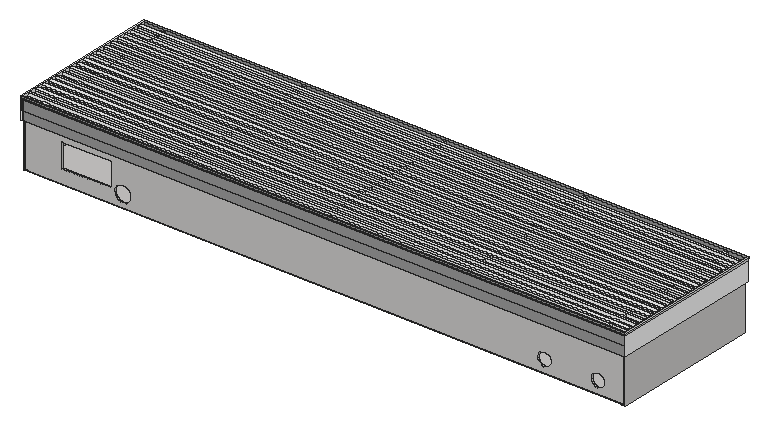
Revit family "Allco COLD 288-125", category Mechanical Equipment, Revit 2019
Family settings
  Round Connector Dimension = Use Radius
  Classification = None
  Part Type = Normal
  Work Plane-Based = No
  Always vertical = Yes
  Cut with Voids When Loaded = Yes
  Shared = No
  Room Calculation Point = No
Parameters (values of type "COLD 288-125 1130 mm")
  URL = "www.allco-ag.ch"
  Openings = Opening : L=1130
  Material wanne = Galvanized coating
  Material grille and ptorile = Aluminum
  Length = 1130 mm
  Diametr Opening = 11 mm
  Abstand 3 = 0 mm
  Abstand 2 = 0 mm
  Abstand 1 = 827 mm
Types (6, lengths in mm): name | Openings | Length | Abstand 3 | Abstand 2 | Abstand 1
  COLD 288-125 1130 mm | Opening : L=1130 | 1130 | 0 | 0 | 827
  COLD 288-125 1430 mm | Opening : L=1430 | 1430 | 0 | 0 | 1127
  COLD 288-125 1910 mm | Opening : L=1910 | 1910 | 0 | 579 | 1028
  COLD 288-125 2210 mm | Opening : L=2210 | 2210 | 0 | 879 | 1028
  COLD 288-125 2690 mm | Opening : L=2690 | 2690 | 578 | 782 | 1028
  COLD 288-125 2990 mm | Opening : L=2990 | 2990 | 878 | 782 | 1028
Reference planes
  plane 1 "Center (Front/Back)": y = 0
  plane 2: z = 0
  plane 3 "Center (Left/Right)": x = 0
  plane 4: z = -125
  plane 5: y = 144
  plane 6: y = -144
  plane 7: y = 140
  plane 8: y = -140
  plane 9: z = -24
  plane 10: x = -565
  plane 11: x = 565
  plane 12: y = 122
  plane 13: y = -122
  plane 14: x = 322
  plane 15: x = -505
  plane 16: x = -562
  plane 17: x = 562
  plane 18: x = -560
  plane 19: x = 560
  plane 20: x = -490
  plane 21: x = -398
  plane 22: z = -97.034
  plane 23: z = -52.034
  plane 24: z = -100
  plane 25: x = -376
  plane 26: z = -100
  plane 27: x = 412
  plane 28: x = 512
  plane 29: x = 322
  plane 30: x = 322
Forms (mm)
  Extrusion 1, solid, material "Galvanized coating" <- "Material wanne"
    sketch origin (20, 0, 0) x (0, 1, 0) y (0, 0, -1)
      loop
        arc (140, 123.507) -> (139.563, 124.563) -> (138.507, 125) r 1.493
        line (138.507, 125) -> (-138.534, 125)
        arc (-138.534, 125) -> (-139.571, 124.571) -> (-140, 123.534) r 1.466
        line (-140, 123.534) -> (-140, 24) -> (140, 24) -> (140, 123.507)
    from 580 to 582
  Sweep 2, solid, material "Galvanized coating" <- "Material wanne"
    path origin (0, 0, 0) x (1, 0, 0) y (0, 1, 0)
      loop
        line (-560, 0) -> (560, 0)
    profile origin (0, 0, 0) x (0, 1, 0) y (0, 0, 1)
      loop
        line (140, -24) -> (138.5, -24) -> (138.5, -122.03)
        arc (138.5, -122.03) -> (138.069, -123.069) -> (137.03, -123.5) r 1.47
        line (137.03, -123.5) -> (-136.996, -123.5)
        arc (-136.996, -123.5) -> (-138.06, -123.06) -> (-138.5, -121.996) r 1.504
        line (-138.5, -121.996) -> (-138.5, -24) -> (-140, -24) -> (-140, -123.527)
        arc (-140, -123.527) -> (-139.568, -124.568) -> (-138.527, -125) r 1.473
        line (-138.527, -125) -> (138.472, -125)
        arc (138.472, -125) -> (139.553, -124.553) -> (140, -123.472) r 1.528
        line (140, -123.472) -> (140, -24)
  Extrusion 3, solid, material "Galvanized coating" <- "Material wanne"
    sketch origin (1190, 0, 0) x (0, 1, 0) y (0, 0, -1)
      loop
        arc (140, 123.507) -> (139.563, 124.563) -> (138.507, 125) r 1.493
        line (138.507, 125) -> (-138.534, 125)
        arc (-138.534, 125) -> (-139.571, 124.571) -> (-140, 123.534) r 1.466
        line (-140, 123.534) -> (-140, 24) -> (140, 24) -> (140, 123.507)
    from 628 to 630
  Extrusion 4, void
    sketch origin (0, 0, 0) x (1, 0, 0) y (0, 0, 1)
      loop
        line (-490, -52.034) -> (-490, -97.034) -> (-398, -97.034) -> (-398, -52.034) -> (-490, -52.034)
    from 140 to 138.5
  Extrusion 5, void
    sketch origin (0, 0, 0) x (1, 0, 0) y (0, 0, 1)
      loop
        circle (-376, -100) r 15
    from 138.5 to 140
  Extrusion 6, void
    sketch origin (0, 0, 0) x (1, 0, 0) y (0, 0, 1)
      loop
        circle (412, -100) r 12.5
      loop
        circle (512, -100) r 12.5
    from 138.5 to 140
Cuts and joins
  Extrusion 4, Extrusion 5, Extrusion 6 cuts Sweep 2
Dimensions and locks
  locked: plane 2 to plane 4 at 125
  equal spacing: plane 5, plane 1 "Center (Front/Back)", plane 6
  locked: plane 5 to plane 6 at 288
  level to plane 9 = 24 mm
  equal spacing: plane 10, plane 3 "Center (Left/Right)", plane 11
  "Length": plane 10 to plane 11
  plane 12 to plane 5 = 22 mm
  plane 13 to plane 6 = 22 mm
  locked: plane 10 to plane 16 at 3
  locked: plane 17 to plane 11 at 3
  locked: plane 16 to plane 18 at 2
  locked: plane 19 to plane 17 at 2
  plane 7 to plane 5 = 4 mm
  plane 11 to plane 10 = 1130 mm
  plane 20 to plane 16 = 72 mm
  plane 21 to plane 20 = 92 mm
  locked: plane 22 to plane 4 at 27.966
  plane 23 to plane 22 = 45 mm
  plane 25 to plane 16 = 186 mm
  plane 24 to plane 4 = 25 mm
  plane 27 to plane 28 to plane 17 = 100 mm, 50 mm
  plane 26 to plane 4 = 25 mm
  locked: plane 10 to plane 15 at 60
  "Abstand 1": plane 15 to plane 29
  "Abstand 2": plane 29 to plane 30
  "Abstand 3": plane 30 to plane 14
  diameter of Extrusion 5 sketch curve = 30 mm
  diameter of Extrusion 6 sketch curve = 25 mm  (x2)
  aligned and locked: level to plane 2
  aligned and locked: plane 10 to nested 1
  aligned and locked: plane 11 to nested 1
  aligned and locked: nested 1 to plane 5
  aligned and locked: Sweep 2 sketch curve to plane 7
  aligned and locked: Sweep 2 sketch curve to plane 4
  aligned and locked: Sweep 2 sketch curve to plane 8
  aligned and locked: plane 9 to Sweep 2 sketch curve  (x2)
  aligned and locked: Extrusion 1 to plane 16
  aligned and locked: plane 18 to Extrusion 1
  aligned and locked: Extrusion 3 to plane 17
  aligned and locked: plane 19 to Extrusion 3
  aligned and locked: plane 18 to Sweep 2 sketch curve
  aligned and locked: plane 19 to Sweep 2 sketch curve
  aligned and locked: plane 1 "Center (Front/Back)" to nested 3
  aligned and locked: plane 1 "Center (Front/Back)" to nested 4
  aligned and locked: plane 11 to nested 4
  aligned and locked: plane 16 to nested 3
  aligned and locked: plane 3 "Center (Left/Right)" to nested 5
  aligned and locked: plane 7 to nested 5
  aligned and locked: Extrusion 4 sketch curve to plane 23
  aligned and locked: plane 20 to Extrusion 4 sketch curve
  aligned and locked: plane 22 to Extrusion 4 sketch curve
  aligned and locked: Extrusion 4 sketch curve to plane 21
  aligned and locked: plane 8 to Extrusion 4
  aligned and locked: Extrusion 5 to plane 8
  aligned and locked: Extrusion 6 to plane 8
  aligned and locked: plane 12 to nested 6
  aligned and locked: nested 6 to plane 15
  aligned and locked: nested 7 to plane 13
  aligned and locked: nested 7 to plane 15
Automatic sketch dimensions
  Extrusion 1 sketch curve to plane 8 = 0 mm
  Extrusion 1 sketch curve to plane 4 = 0 mm
  Extrusion 1 sketch curve to plane 7 = 0 mm
  Extrusion 1 sketch curve to plane 9 = 0 mm
  plane 4 to Extrusion 1 sketch curve = 1.466 mm
  plane 4 to Extrusion 1 sketch curve = 1.493 mm
  plane 1 "Center (Front/Back)" to Sweep 2 sketch curve = 0 mm
  Sweep 2 sketch curve to Sweep 2 sketch curve = 1.473 mm
  Sweep 2 sketch curve to Sweep 2 sketch curve = 1.5 mm  (x2)
  Sweep 2 sketch curve to Sweep 2 sketch curve = 1.531 mm
  Sweep 2 sketch curve to Sweep 2 sketch curve = 2.97 mm
  Sweep 2 sketch curve to Sweep 2 sketch curve = 1.443 mm
  Sweep 2 sketch curve to Sweep 2 sketch curve = 0.028 mm
  Extrusion 3 sketch curve to plane 8 = 0 mm
  Extrusion 3 sketch curve to plane 4 = 0 mm
  Extrusion 3 sketch curve to plane 7 = 0 mm
  Extrusion 3 sketch curve to plane 9 = 0 mm
  plane 4 to Extrusion 3 sketch curve = 1.466 mm
  plane 4 to Extrusion 3 sketch curve = 1.493 mm
  Extrusion 4 sketch curve to plane 21 = 0 mm
  Extrusion 5 sketch curve to plane 24 = 0 mm
  Extrusion 5 sketch curve to plane 25 = 0 mm
  Extrusion 6 sketch curve to plane 26 = 0 mm  (x2)
  Extrusion 6 sketch curve to plane 27 = 0 mm
  Extrusion 6 sketch curve to plane 28 = 0 mm
Nested families
  nested 1: "Grille frame profile" at (0, 0, 0), type "Grille frame profile"
  nested 2: "Grille frame profile" at (0, 0, 0), type "Grille frame profile"
  nested 3: "Grille frame transverse profile" at (-565, 0, 0), type "Grille frame transverse profile"
  nested 4: "Grille frame transverse profile" at (565, 0, 0) x (-1, 0, 0) z (0, 0, 1), type "Grille frame transverse profile"
  nested 5: "Grille" at (0, 0, 0), type "Grille"
    with n 5, Length-8 1122 mm, Length 1130 mm
  nested 6: "Opening" at (-505, 122, -123.5), type <- "Openings", type "L=1130"
    with Diametr 11 mm
  nested 7: "Opening" at (-505, -122, -123.5), type <- "Openings", type "L=1130"
    with Diametr 11 mm
Definition of nested family "Grille frame profile"
  Parameters (values of type "Grille frame profile")
    Material = none
    Length = 1130 mm
  Reference planes
    plane 1 "Center (Front/Back)": y = 0
    plane 2: z = 0
    plane 3 "Center (Left/Right)": x = 0
    plane 4: y = 144
    plane 5: y = 141
    plane 6: x = -565
    plane 7: x = 565
    plane 8: x = 612
    plane 9: x = -612
    plane 10: y = 122
    plane 11: x = -562
    plane 12: x = 562
    plane 13: z = -41
    plane 14: z = -3
    plane 15: z = -6
    plane 16: through (-565, 144, 1200) normal (0.7071, 0.7071, 0)
    plane 17: through (565, 144, 1200) normal (0.7071, -0.7071, 0)
  Forms (mm)
    Extrusion 1, solid, material <- "Material"
      sketch origin (0, 0, 0) x (0, 1, 0) y (0, 0, 1)
        loop
          line (141, -21) -> (131, -21) -> (131, -24) -> (141, -24) -> (141, -41) -> (142.2, -41) -> (142.2, -23) -> (143, -23) -> (143, -6) -> (144, -3) -> (144, 0) -> (141, 0) -> (141, -21)
      from -565 to 565
    Extrusion 2, void
      sketch origin (0, 0, 0) x (1, 0, 0) y (0, 1, 0)
        loop
          line (-565, 144) -> (-565, 122) -> (-543, 122) -> (-565, 144)
      from -41 to 0
    Extrusion 3, void
      sketch origin (0, 0, 0) x (1, 0, 0) y (0, 1, 0)
        loop
          line (565, 144) -> (543, 122) -> (565, 122) -> (565, 144)
      from -41 to 0
  Cuts and joins
    Extrusion 2, Extrusion 3 cuts Extrusion 1
  Dimensions and locks
    plane 4 to plane 1 "Center (Front/Back)" = 144 mm
    equal spacing: plane 6, plane 3 "Center (Left/Right)", plane 7
    "Length": plane 6 to plane 7
    plane 10 to plane 4 = 22 mm
    locked: plane 6 to plane 11 at 3
    locked: plane 12 to plane 7 at 3
    plane 2 to plane 13 = 41 mm
    locked: level to plane 14 at 3
    locked: plane 14 to plane 15 at 3
    locked: Extrusion 1 sketch curve to Extrusion 1 sketch curve at 2
    Extrusion 1 sketch curve to Extrusion 1 sketch curve = 10 mm
    level to Extrusion 1 sketch curve to Extrusion 1 sketch curve to Extrusion 1 sketch curve = 21 mm, 3 mm, 17 mm
    equal spacing: plane 15, Extrusion 1 sketch curve, plane 13
    locked: plane 6 to plane 16 (angle 45.00°)
    locked: Extrusion 2 sketch curve to Extrusion 2 sketch curve (angle 45.00°)
    locked: plane 17 to plane 7 (angle 45.00°)
    locked: Extrusion 3 sketch curve to cut or joined group of Extrusion 1, Extrusion 2, Extrusion 3 (angle 45.00°)
    aligned and locked: level to plane 2
    aligned and locked: Extrusion 1 sketch curve to plane 5  (x2)
    aligned and locked: Extrusion 1 sketch curve to level
    aligned and locked: Extrusion 1 to plane 6
    aligned and locked: Extrusion 1 to plane 7
    aligned and locked: Extrusion 2 sketch curve to plane 6
    aligned and locked: plane 10 to Extrusion 2 sketch curve
    aligned and locked: plane 4 to Extrusion 2 sketch curve
    aligned and locked: Extrusion 3 sketch curve to plane 7
    aligned and locked: plane 7 to Extrusion 3 sketch curve
    aligned and locked: plane 10 to Extrusion 3 sketch curve
  Automatic sketch dimensions
    Extrusion 1 sketch curve to plane 4 = 0 mm
    Extrusion 1 sketch curve to plane 15 = 0 mm
    Extrusion 1 sketch curve to plane 14 = 0 mm
    Extrusion 1 sketch curve to plane 5 = 1.2 mm
    Extrusion 1 sketch curve to Extrusion 1 sketch curve = 1 mm
    plane 4 to Extrusion 3 sketch curve = 0 mm
Definition of nested family "Grille frame transverse profile"
  Parameters (values of type "Grille frame transverse profile")
    Material = none
    Length = 1230 mm
  Reference planes
    plane 1 "Center (Front/Back)": y = 0
    plane 2: z = 0
    plane 3 "Center (Left/Right)": x = 0
    plane 4: y = 144
    plane 5: y = -144
    plane 6: z = -41
    plane 7: through (0, 144, 1200) normal (0.7071, 0.7071, 0)
    plane 8: through (0, -144, 1200) normal (-0.7071, 0.7071, 0)
  Forms (mm)
    Extrusion 1, solid, material <- "Material"
      sketch origin (0, 0, 0) x (1, 0, 0) y (0, 0, 1)
        loop
          line (0, 0) -> (0, -3) -> (1, -6) -> (1, -41) -> (3, -41) -> (3, 0) -> (0, 0)
      from -144 to 144
    Extrusion 2, void
      sketch origin (0, 0, 0) x (1, 0, 0) y (0, 1, 0)
        loop
          line (0, -144) -> (3, -144) -> (3, -141) -> (0, -144)
      from -41 to 0
    Extrusion 3, void
      sketch origin (0, 0, 0) x (1, 0, 0) y (0, 1, 0)
        loop
          line (0, 144) -> (3, 141) -> (3, 144) -> (0, 144)
      from -41 to 0
  Cuts and joins
    Extrusion 2, Extrusion 3 cuts Extrusion 1
  Dimensions and locks
    equal spacing: plane 4, plane 1 "Center (Front/Back)", plane 5
    locked: plane 4 to plane 5 at 288
    level to plane 6 = 41 mm
    level to Extrusion 1 sketch curve to Extrusion 1 sketch curve = 3 mm, 3 mm
    Extrusion 1 sketch curve to Extrusion 1 sketch curve = 2 mm
    locked: plane 7 to plane 4 (angle 45.00°)
    angle plane 5 to plane 8 = 45.00°
    aligned and locked: level to plane 2
    aligned and locked: Extrusion 1 to plane 6
    aligned and locked: level to Extrusion 1
    aligned and locked: Extrusion 1 to plane 3 "Center (Left/Right)"
    aligned and locked: Extrusion 1 to plane 4
    aligned and locked: Extrusion 1 to plane 5
    aligned and locked: Extrusion 2 sketch curve to plane 8
    aligned and locked: Extrusion 2 to plane 6
    aligned and locked: level to Extrusion 2
    aligned and locked: plane 7 to Extrusion 3 sketch curve
    aligned and locked: plane 4 to Extrusion 3 sketch curve
  Automatic sketch dimensions
    Extrusion 1 sketch curve to level = 0 mm
    Extrusion 1 sketch curve to plane 3 "Center (Left/Right)" = 0 mm
    Extrusion 1 sketch curve to plane 6 = 0 mm
    plane 3 "Center (Left/Right)" to Extrusion 1 sketch curve = 1 mm
    Extrusion 2 sketch curve to plane 3 "Center (Left/Right)" = 0 mm
    plane 3 "Center (Left/Right)" to Extrusion 2 sketch curve = 3 mm
    Extrusion 3 sketch curve to Extrusion 3 sketch curve = 3 mm
Definition of nested family "Grille"
  Parameters (values of type "Grille")
    n = if(Length = 1130 mm, 5, if(Length = 1430 mm, 6, if(Length = 1910 mm, 8, if(Length = 2210 mm, 9, if(Length = 2690 mm, 11, if(Length = 2990 mm, 13, Length / 230 mm))))))  # 9
    Material = none
    Length-8 = Length - 8 mm  # 2202 mm
    Length = 2210 mm
  Reference planes
    plane 1 "Center (Front/Back)": y = 0
    plane 2: z = 0
    plane 3 "Center (Left/Right)": x = 0
    plane 4: y = 140
    plane 5: x = -1101
    plane 6: x = 1101
    plane 7: y = -140
    plane 8: y = 129
    plane 9: y = -131
    plane 10: y = -127
    plane 11: z = -20
    plane 12: z = -3
    plane 13: x = -1066
    plane 14: x = 1066
  Forms (mm)
    Extrusion 1, solid, material <- "Material"
      sketch origin (-390, 0, 0) x (1, 0, 0) y (0, 1, 0)
        loop
          line (-679.5, 140) -> (-679.5, -140) -> (-672.5, -140) -> (-672.5, 140) -> (-679.5, 140)
      from -20 to -3
    Extrusion 2, solid, material <- "Material"
      sketch origin (1742, 0, 0) x (1, 0, 0) y (0, 1, 0)
        loop
          line (-679.5, 140) -> (-679.5, -140) -> (-672.5, -140) -> (-672.5, 140) -> (-679.5, 140)
      from -20 to -3
    Extrusion 3, solid, material <- "Material"
      sketch origin (-123.5, 0, 0) x (1, 0, 0) y (0, 1, 0)
        loop
          line (-679.5, 140) -> (-679.5, -140) -> (-672.5, -140) -> (-672.5, 140) -> (-679.5, 140)
      from -20 to -3
    Extrusion 4, solid, material <- "Material"
      sketch origin (143, 0, 0) x (1, 0, 0) y (0, 1, 0)
        loop
          line (-679.5, 140) -> (-679.5, -140) -> (-672.5, -140) -> (-672.5, 140) -> (-679.5, 140)
      from -20 to -3
    Extrusion 5, solid, material <- "Material"
      sketch origin (409.5, 0, 0) x (1, 0, 0) y (0, 1, 0)
        loop
          line (-679.5, 140) -> (-679.5, -140) -> (-672.5, -140) -> (-672.5, 140) -> (-679.5, 140)
      from -20 to -3
    Extrusion 6, solid, material <- "Material"
      sketch origin (676, 0, 0) x (1, 0, 0) y (0, 1, 0)
        loop
          line (-679.5, 140) -> (-679.5, -140) -> (-672.5, -140) -> (-672.5, 140) -> (-679.5, 140)
      from -20 to -3
    Extrusion 7, solid, material <- "Material"
      sketch origin (942.5, 0, 0) x (1, 0, 0) y (0, 1, 0)
        loop
          line (-679.5, 140) -> (-679.5, -140) -> (-672.5, -140) -> (-672.5, 140) -> (-679.5, 140)
      from -20 to -3
    Extrusion 8, solid, material <- "Material"
      sketch origin (1209, 0, 0) x (1, 0, 0) y (0, 1, 0)
        loop
          line (-679.5, 140) -> (-679.5, -140) -> (-672.5, -140) -> (-672.5, 140) -> (-679.5, 140)
      from -20 to -3
    Extrusion 9, solid, material <- "Material"
      sketch origin (1475.5, 0, 0) x (1, 0, 0) y (0, 1, 0)
        loop
          line (-679.5, 140) -> (-679.5, -140) -> (-672.5, -140) -> (-672.5, 140) -> (-679.5, 140)
      from -20 to -3
  Dimensions and locks
    plane 4 to plane 1 "Center (Front/Back)" = 140 mm
    equal spacing: plane 5, plane 3 "Center (Left/Right)", plane 6
    "Length-8": plane 5 to plane 6
    plane 6 to plane 3 "Center (Left/Right)" to plane 5 = 1101 mm, 1101 mm
    plane 6 to plane 5 = 2202 mm
    equal spacing: plane 7, plane 1 "Center (Front/Back)", plane 4
    locked: plane 7 to plane 4 at 280
    locked: plane 4 to plane 8 at 11
    locked: plane 9 to plane 7 at 9
    locked: plane 10 to plane 9 at 4
    equal spacing: group 2, group 17, group 16, group 15, group 14, group 13, group 12, group 11, group 10, group 9, group 8, group 7, group 6, group 5, group 4, group 3, group 1  (x2)
    equal spacing: group 1, group 3, group 4, group 5, group 6, group 7, group 8, group 9, group 10, group 11, group 12, group 13, group 14, group 15, group 16, group 17, group 2
    locked: plane 2 to plane 11 at 20
    locked: level to plane 12 at 3
    plane 5 to plane 13 = 35 mm
    locked: plane 14 to plane 6 at 35
    equal spacing: group 18, group 20, group 21, group 22, group 23, group 24, group 25, group 26, group 19  (x3)
    locked: Extrusion 1 to plane 13 at 3.5
    locked: plane 14 to Extrusion 2 at 3.5
    aligned and locked: level to plane 2
    aligned and locked: nested 1 to plane 6
    aligned and locked: nested 1 to plane 5
    aligned and locked: nested 1 to plane 8
    aligned and locked: level to nested 1
    aligned and locked: level to nested 2
    aligned and locked: level to nested 3
    aligned and locked: level to nested 4
    aligned and locked: level to nested 5
    aligned and locked: level to nested 6
    aligned and locked: level to nested 7
    aligned and locked: level to nested 8
    aligned and locked: level to nested 9
    aligned and locked: level to nested 10
    aligned and locked: level to nested 11
    aligned and locked: level to nested 12
    aligned and locked: level to nested 13
    aligned and locked: level to nested 14
    aligned and locked: level to nested 15
    aligned and locked: level to nested 16
    aligned and locked: level to nested 17
    aligned and locked: Extrusion 1 to plane 11
    aligned and locked: Extrusion 1 to plane 12
  Automatic sketch dimensions
    Extrusion 1 sketch curve to Extrusion 1 sketch curve = 280 mm
    Extrusion 2 sketch curve to Extrusion 2 sketch curve = 280 mm
    Extrusion 3 sketch curve to Extrusion 3 sketch curve = 280 mm
    Extrusion 4 sketch curve to Extrusion 4 sketch curve = 280 mm
    Extrusion 1 sketch curve to Extrusion 1 sketch curve = 7 mm
    Extrusion 2 sketch curve to Extrusion 2 sketch curve = 7 mm
    Extrusion 3 sketch curve to Extrusion 3 sketch curve = 7 mm
    Extrusion 4 sketch curve to Extrusion 4 sketch curve = 7 mm
    Extrusion 5 sketch curve to Extrusion 5 sketch curve = 280 mm
    Extrusion 5 sketch curve to Extrusion 5 sketch curve = 7 mm
    Extrusion 6 sketch curve to Extrusion 6 sketch curve = 280 mm
    Extrusion 6 sketch curve to Extrusion 6 sketch curve = 7 mm
    Extrusion 7 sketch curve to Extrusion 7 sketch curve = 280 mm
    Extrusion 7 sketch curve to Extrusion 7 sketch curve = 7 mm
    Extrusion 8 sketch curve to Extrusion 8 sketch curve = 280 mm
    Extrusion 8 sketch curve to Extrusion 8 sketch curve = 7 mm
    Extrusion 9 sketch curve to Extrusion 9 sketch curve = 280 mm
    Extrusion 9 sketch curve to Extrusion 9 sketch curve = 7 mm
  Nested families
    nested 1: "Profile_01" at (0, 125, -11.96), type "Profile_01"
    nested 2: "Profile_01" at (0, -131, -11.96), type "Profile_01"
    nested 3: "Profile_01" at (0, 109, -11.96), type "Profile_01"
    nested 4: "Profile_01" at (0, 93, -11.96), type "Profile_01"
    nested 5: "Profile_01" at (0, 77, -11.96), type "Profile_01"
    nested 6: "Profile_01" at (0, 61, -11.96), type "Profile_01"
    nested 7: "Profile_01" at (0, 45, -11.96), type "Profile_01"
    nested 8: "Profile_01" at (0, 29, -11.96), type "Profile_01"
    nested 9: "Profile_01" at (0, 13, -11.96), type "Profile_01"
    nested 10: "Profile_01" at (0, -3, -11.96), type "Profile_01"
    nested 11: "Profile_01" at (0, -19, -11.96), type "Profile_01"
    nested 12: "Profile_01" at (0, -35, -11.96), type "Profile_01"
    nested 13: "Profile_01" at (0, -51, -11.96), type "Profile_01"
    nested 14: "Profile_01" at (0, -67, -11.96), type "Profile_01"
    nested 15: "Profile_01" at (0, -83, -11.96), type "Profile_01"
    nested 16: "Profile_01" at (0, -99, -11.96), type "Profile_01"
    nested 17: "Profile_01" at (0, -115, -11.96), type "Profile_01"
  Definition of nested family "Profile_01"
    Parameters (values of type "Profile_01")
      Material = none
      Length = 2202 mm
    Reference planes
      plane 1 "Center (Front/Back)": y = 0
      plane 2: z = 0
      plane 3 "Center (Left/Right)": x = 0
      plane 4: x = -1101
      plane 5: x = 1101
      plane 6: z = 10.96
      plane 7: z = 8.26
    Forms (mm)
      Extrusion 1, solid, material <- "Material"
        sketch origin (0, 0, 0) x (0, 1, 0) y (0, 0, 1)
          loop
            line (0, 0) -> (4, 0) -> (4, 8.26) -> (6.7, 10.96) -> (6.7, 11.96) -> (0.7, 11.96) -> (0, 8.26) -> (0, 0)
        from -1101 to 1101
    Dimensions and locks
      equal spacing: plane 4, plane 3 "Center (Left/Right)", plane 5
      "Length": plane 4 to plane 5
      plane 5 to plane 3 "Center (Left/Right)" to plane 4 = 1101 mm, 1101 mm
      plane 5 to plane 4 = 2202 mm
      Extrusion 1 sketch curve to Extrusion 1 sketch curve to level = 3.7 mm, 8.26 mm
      locked: Extrusion 1 sketch curve to Extrusion 1 sketch curve at 4
      Extrusion 1 sketch curve to Extrusion 1 sketch curve = 6 mm
      plane 7 to plane 6 = 2.7 mm
      aligned and locked: level to plane 2
      aligned and locked: Extrusion 1 to plane 4
      aligned and locked: Extrusion 1 to plane 5
    Automatic sketch dimensions
      Extrusion 1 sketch curve to level = 0 mm
      Extrusion 1 sketch curve to plane 1 "Center (Front/Back)" = 0 mm
      Extrusion 1 sketch curve to plane 6 = 0 mm
      Extrusion 1 sketch curve to plane 7 = 0 mm
      Extrusion 1 sketch curve to plane 1 "Center (Front/Back)" = 0.7 mm
Definition of nested family "Opening"
  Parameters (values of type "L=1430")
    Diametr = 12 mm
    Default Elevation = 1219.2 mm
    Abstand 3 = 0 mm
    Abstand 2 = 0 mm
    Abstand 1 = 1127 mm
  Types (6, lengths in mm): name | Abstand 3 | Abstand 2 | Abstand 1
    L=1130 | 0 | 0 | 827
    L=1430 | 0 | 0 | 1127
    L=1910 | 0 | 579 | 1028
    L=2210 | 0 | 879 | 1028
    L=2690 | 578 | 782 | 1028
    L=2990 | 878 | 782 | 1028
  Reference planes
    plane 1 "Center (Front/Back)": y = 0
    plane 2: z = 0
    plane 3 "Center (Left/Right)": x = 0
    plane 4: x = 1127
    plane 5: x = 1127
    plane 6: x = 1127
  Forms (mm)
    Extrusion 1, solid
      sketch origin (0, 0, 0) x (1, 0, 0) y (0, 1, 0)
        loop
          line (-1219.2, 1219.2) -> (-1219.2, -1219.2) -> (3796.704, -1219.2) -> (3796.704, 1219.2) -> (-1219.2, 1219.2)
      from 0 to -1.5
    Extrusion 2, void
      sketch origin (0, 0, 0) x (1, 0, 0) y (0, 1, 0)
        loop
          circle (0, 0) r 6
      from -1.5 to 0
    Extrusion 3, void
      sketch origin (420, 0, 0) x (1, 0, 0) y (0, 1, 0)
        loop
          circle (707, 0) r 6
      from -1.5 to 0
    Extrusion 4, void
      sketch origin (999, 0, 0) x (1, 0, 0) y (0, 1, 0)
        loop
          circle (128, 0) r 6
      from -1.5 to 0
    Extrusion 5, void
      sketch origin (1877, 0, 0) x (1, 0, 0) y (0, 1, 0)
        loop
          circle (-750, 0) r 6
      from -1.5 to 0
  Dimensions and locks
    "Abstand 1": plane 3 "Center (Left/Right)" to plane 4
    "Abstand 2": plane 4 to plane 5
    "Abstand 3": plane 5 to plane 6
    "Diametr": diameter of Extrusion 2 sketch curve
    "Diametr": diameter of Extrusion 3 sketch curve
    "Diametr": diameter of Extrusion 4 sketch curve
    "Diametr": diameter of Extrusion 5 sketch curve
    aligned and locked: Extrusion 1 to plane 2
    aligned and locked: Extrusion 1 to level
    aligned and locked: level to Extrusion 2
    aligned and locked: plane 3 "Center (Left/Right)" to Extrusion 2 sketch curve
    aligned and locked: plane 1 "Center (Front/Back)" to Extrusion 2 sketch curve
    aligned and locked: plane 4 to Extrusion 3 sketch curve
    aligned and locked: plane 6 to Extrusion 5 sketch curve
  Automatic sketch dimensions
    Extrusion 1 sketch curve to Extrusion 1 sketch curve = 5015.904 mm
    Extrusion 1 sketch curve to Extrusion 1 sketch curve = 2438.4 mm
    plane 1 "Center (Front/Back)" to Extrusion 3 sketch curve = 0 mm
    plane 1 "Center (Front/Back)" to Extrusion 4 sketch curve = 0 mm
    Extrusion 4 sketch curve to plane 4 = 0 mm
    plane 1 "Center (Front/Back)" to Extrusion 5 sketch curve = 0 mm
